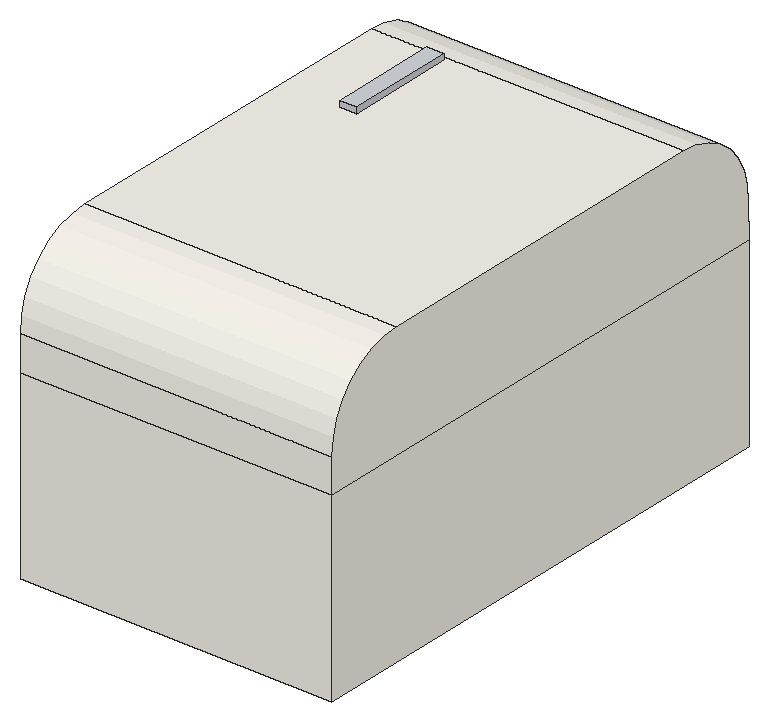
Revit family "Domotics-DomesticRanges-GEWISS-CHORUS_PROTECTION-SPD", category Apparecchi elettrici, host Superficie, Revit 2016
Family settings
  Host = Superficie
  Mantenere orientamento annotazione = Sì
  Tipo di parte = Normale
  Quota connettore circolare = Usa diametro
  Taglio con vuoti quando caricato = Sì
  Condiviso = Sì
  Punto di calcolo locali = Sì
Parameters (values of type "GW14492 - Overvoltage limiter, 1M titanium")
  finitura = GEWISS TITANIO
  Voltage: = "230V ac"
  Voltage = "230V ac"
  Visibilità simbolo in pianta [instance] = yes
  Visibilità copriferro [instance] = yes
  Version file RFA = "19.0"
  VISIBILITA' SIMBOLO [instance] = yes
  VISIBILITA BORDO SIMBOLO [instance] = yes
  Up = "1 kV"
  Uc = "275 V ac 50/60Hz"
  URL = "https://www.gewiss.com/ww/en"
  Technical sheet = "https://www.gewiss.com/ww/en/search?q=GW14492"
  SEO = "SPD"
  Realized by GEWISS S.p.A. = ""
  No. Chorus modules: = "1"
  No. Chorus modules = "1"
  Immagine tipo = GW14492.jpg
  Tipo_ = CHORUS LIMITATORE TENSIONE : GW14492 Limitatore di sovratensioni 1M titanio
  Produttore = "GEWISS S.p.A."
  Offset_bidimensionale [instance] = 2 mm
  Default Elevation = 1219.2 mm
  Offset_limitatore [instance] = 0 mm
  Modello = "GW14492"
  Larghezza copriforo = 23 mm
  IFC.TypeObject = ""
  IFC.ExportType = ""
  IFC.ExportAs = ""
  IDT = "3d6990a7-eef1-4755-8e59-06db000df803"
  IDF = "45043e9b-82ea-4c96-99d5-b507262a5122"
  Electrocod = "0142"
  EAN code = "8011564267831"
  Distanza_x [instance] = 0 mm
  Distanza_effettiva_x [instance] = 1000 mm - Distanza_x  # 1000 mm
  Descrizione = "OVERVOLTAGE LIMITER, 1M TITANIUM"
  Description. = "Limiter"
  Colour = "Titanium"
  Catalogue Range = "CHORUS - DOMESTIC RANGE"
  Catalogue = "DOMOTICS"
  COBie.Tagnumber = ""
  COBie.CreatedOn = ""
  COBie.CreatebBy = ""
  COBie.ComponentRegisterItemID = ""
  COBie.Component.TagNumber = ""
  COBie.Component.Space = ""
  COBie.Component.SerialNumber = ""
  COBie.Component.InstallationDate = ""
  COBie.Component.Description = ""
  COBie.Component.BarCode = ""
  Altezza_copriforo = 45 mm
Types (3, lengths in mm): name | finitura | Technical sheet | Immagine tipo | Tipo_ | Modello | IDT | EAN code | Descrizione | Colour
  GW10492 - Overvoltage limiter 1M white | GEWISS BIANCO | "https://www.gewiss.com/ww/en/search?q=GW10492" | GW10492.jpg | CHORUS LIMITATORE TENSIONE : GW10492 Limitatore di sovratensioni 1M bianco | "GW10492" | "130cc51c-a5e8-4423-b6cb-0f3666266548" | "8011564262911" | "OVERVOLTAGE LIMITER 1M WHITE" | "White"
  GW12492 - Overvoltage limiter 1M black | GEWISS NERO | "https://www.gewiss.com/ww/en/search?q=GW12492" | GW12492.jpg | CHORUS LIMITATORE TENSIONE : GW12492 Limitatore di sovratensioni 1M nero | "GW12492" | "b9d0657c-a4a2-431f-8a6f-b2086b472ab5" | "8011564268241" | "OVERVOLTAGE LIMITER 1M BLACK" | "Black"
  GW14492 - Overvoltage limiter, 1M titanium | GEWISS TITANIO | "https://www.gewiss.com/ww/en/search?q=GW14492" | GW14492.jpg | CHORUS LIMITATORE TENSIONE : GW14492 Limitatore di sovratensioni 1M titanio | "GW14492" | "3d6990a7-eef1-4755-8e59-06db000df803" | "8011564267831" | "OVERVOLTAGE LIMITER, 1M TITANIUM" | "Titanium"
Reference planes
  plane 1 "Centro (Fronte/Retro)": y = 0
  plane 2: z = 0
  plane 3 "Centro (Sinistra/Destra)": x = 0
  plane 4: x = -1000
  plane 5: x = 0
  plane 6: z = 0
  plane 7: z = 26
  plane 8 "bd": z = 28
  plane 9: x = -13.5
  plane 10: x = 13.5
Lines and regions (mm)
  Masking region 1
    outline origin (0, 0, 0) x (0, 1, 0) y (0, 0, 1)
      loop
        line (-22.5, 26) -> (-22.5, 0) -> (22.5, 0) -> (22.5, 26) -> (-22.5, 26)
  Masking region 2, detail levels coarse
    outline origin (0, 0, 0) x (1, 0, 0) y (0, 0, 1)
      loop
        line (-13.5, 26) -> (-13.5, 0) -> (13.5, 0) -> (13.5, 26) -> (-13.5, 26)
  model lines, detail levels coarse
    curve 1: line (11.5, -23.695, 28) -> (-11.5, -23.695, 28)
    curve 2: line (11.5, 23.397, 28) -> (11.5, -23.695, 28)
    curve 3: line (-11.5, 23.397, 28) -> (11.5, 23.397, 28)
    curve 4: line (-11.5, -23.695, 28) -> (-11.5, 23.397, 28)
    curve 9: line (-2, 19.217, 28) -> (2, 19.217, 28)
    curve 10: line (2, 5.613, 28) -> (-2, 5.613, 28)
    curve 11: line (2, 19.217, 28) -> (2, 5.613, 28)
    curve 15: line (-2, 19.217, 28) -> (-2, 5.613, 28)
    curve 16: line (-4.263, 15.615, 28) -> (-2, 15.615, 28)
    curve 17: line (2, 10.613, 28) -> (-2, 15.615, 28)
    curve 18: line (2, 10.613, 28) -> (3.809, 10.613, 28)
    curve 19: line (-2, -0.783, 28) -> (2, -0.783, 28)
    curve 20: line (2, -9.387, 28) -> (-2, -9.387, 28)
    curve 21: line (2, -0.783, 28) -> (2, -9.387, 28)
    curve 22: line (-2, -0.783, 28) -> (-2, -9.387, 28)
    curve 31: line (0, 19.217, 28) -> (0, 20.864, 28)
    curve 32: line (0, 5.613, 28) -> (0, 3.371, 28)
  model lines, not visible, detail levels coarse
    curve 5: line (41.3, -23.695, 50.692) -> (18.3, -23.695, 50.692)
    curve 6: line (41.3, 23.397, 50.692) -> (41.3, -23.695, 50.692)
    curve 7: line (18.3, 23.397, 50.692) -> (41.3, 23.397, 50.692)
    curve 8: line (18.3, -23.695, 50.692) -> (18.3, 23.397, 50.692)
    curve 12: line (27.8, 19.217, 50.692) -> (31.8, 19.217, 50.692)
    curve 13: line (31.8, 5.613, 50.692) -> (27.8, 5.613, 50.692)
    curve 14: line (31.8, 19.217, 50.692) -> (31.8, 5.613, 50.692)
    curve 23: line (27.8, 19.217, 50.692) -> (27.8, 5.613, 50.692)
    curve 24: line (25.537, 15.615, 50.692) -> (27.8, 15.615, 50.692)
    curve 25: line (31.8, 10.613, 50.692) -> (27.8, 15.615, 50.692)
    curve 26: line (31.8, 10.613, 50.692) -> (33.608, 10.613, 50.692)
    curve 27: line (27.8, -0.783, 50.692) -> (31.8, -0.783, 50.692)
    curve 28: line (31.8, -9.387, 50.692) -> (27.8, -9.387, 50.692)
    curve 29: line (31.8, -0.783, 50.692) -> (31.8, -9.387, 50.692)
    curve 30: line (27.8, -0.783, 50.692) -> (27.8, -9.387, 50.692)
    curve 33: line (29.8, 19.217, 50.692) -> (29.8, 20.864, 50.692)
    curve 34: line (29.8, 5.613, 50.692) -> (29.8, 3.371, 50.692)
Dimensions and locks
  plane 4 to plane 3 "Centro (Sinistra/Destra)" = 1000 mm
  "Distanza_effettiva_x": plane 4 to plane 5
  "Offset_limitatore": plane 6 to host face
  locked: plane 7 to plane 6 at 26
  "Offset_bidimensionale": plane 8 "bd" to plane 7
  aligned and locked: plane 2 to host face
  aligned and locked: level to host face
  aligned and locked: plane 8 "bd" to curve 1
  aligned and locked: plane 6 to Masking region 1 sketch curve
  aligned and locked: Masking region 1 sketch curve to plane 7
  aligned and locked: nested 1 to plane 3 "Centro (Sinistra/Destra)"
  aligned and locked: plane 5 to nested 2
  aligned and locked: plane 6 to Masking region 2 sketch curve
  aligned and locked: Masking region 2 sketch curve to plane 10
  aligned and locked: Masking region 2 sketch curve to plane 7
  aligned and locked: Masking region 2 sketch curve to plane 9
Automatic sketch dimensions
  host sketch curve to host sketch curve = 2438.4 mm  (x2)
  curve 1 to curve 19 = 9.5 mm
  curve 2 to curve 9 = 9.5 mm
  curve 20 to curve 22 = 4 mm
  curve 10 to curve 15 = 4 mm
  curve 9 to curve 3 = 9.5 mm
  curve 3 to curve 15 = 4.18 mm
  curve 9 to curve 10 = 13.604 mm
  curve 10 to curve 19 = 6.396 mm
  curve 19 to curve 21 = 8.604 mm
  curve 20 to curve 2 = 14.307 mm
  curve 18 to curve 17 = 1.809 mm
  curve 32 to curve 10 = 2 mm
  curve 31 to curve 9 = 2 mm
  curve 16 to curve 16 = 2.263 mm
  curve 31 to curve 31 = 1.647 mm
  curve 9 to curve 17 = 3.602 mm
  curve 16 to curve 17 = 0 mm
  curve 18 to curve 10 = 5 mm
  curve 17 to curve 18 = 0 mm
  curve 32 to curve 32 = 2.241 mm
  curve 5 to curve 27 = 9.5 mm
  curve 6 to curve 12 = 9.5 mm
  curve 28 to curve 30 = 4 mm
  curve 13 to curve 23 = 4 mm
  curve 12 to curve 7 = 9.5 mm
  curve 7 to curve 23 = 4.18 mm
  curve 12 to curve 13 = 13.604 mm
  curve 13 to curve 27 = 6.396 mm
  curve 27 to curve 29 = 8.604 mm
  curve 28 to curve 6 = 14.307 mm
  curve 26 to curve 25 = 1.809 mm
  curve 34 to curve 13 = 2 mm
  curve 33 to curve 12 = 2 mm
  curve 24 to curve 24 = 2.263 mm
  curve 33 to curve 33 = 1.647 mm
  curve 12 to curve 25 = 3.602 mm
  curve 24 to curve 25 = 0 mm
  curve 26 to curve 13 = 5 mm
  curve 25 to curve 26 = 0 mm
  curve 34 to curve 34 = 2.241 mm
  plane 1 "Centro (Fronte/Retro)" to Masking region 1 sketch curve = 22.5 mm
  Masking region 1 sketch curve to plane 1 "Centro (Fronte/Retro)" = 22.5 mm
Nested families
  nested 1: "CHORUS LIMITATORE TENSIONE" at (0, 10.7, 20) x (0, -1, 0) z (0, 0, 1), visible <- "Visibilità copriferro", type <- "Tipo_", type "GW14492 Limitatore di sovratensioni 1M titanio", detail levels medium+fine
    with Spostamento_y_effettivo_etichetta 1000 mm, Spostamento_X_etichetta 0 mm, Spostamento_X_effettivo_etichetta 1000 mm, Cornice simbolo yes
  nested 2: "SCARICSOVRAT" at (0, 160.104, 0), BORDO ACCESO <- "VISIBILITA BORDO SIMBOLO", SIMBOLO <- "Visibilità simbolo in pianta", type "SCARICSOVRAT"
    with SIMBOLO yes, Distanza dal muro 5 mm, BORDO ACCESO yes
Definition of nested family "CHORUS LIMITATORE TENSIONE"
  Parameters (values of type "GW14492 Limitatore di sovratensioni 1M titanio")
    Spostamento_y_effettivo_etichetta [instance] = 1000 mm
    Spostamento_X_etichetta [instance] = 0 mm
    Spostamento_X_effettivo_etichetta [instance] = 1000 mm - Spostamento_X_etichetta  # 1000 mm
    Default Elevation = 1219.2 mm
    Manufacturer = ""
    Model = ""
    Materiale = none
    L = 27 mm
    Type Image = (empty or 0)
    IFC.TypeObject = ""
    IFC.ExportType = ""
    IFC.ExportAs = ""
    H = 45 mm
    Description = ""
    Cornice simbolo [instance] = yes
    Type Comments = ""
    COBie.CreatedOn = ""
    COBie.CreatebBy = ""
    COBie.ComponentRegisterItemID = ""
    COBie.Component.TagNumber = ""
    COBie.Component.Space = ""
    COBie.Component.SerialNumber = ""
    COBie.Component.InstallationDate = ""
    COBie.Component.Description = ""
    COBie.Component.BarCode = ""
  Types (3): name
    GW14492 Limitatore di sovratensioni 1M titanio
    GW12492 Limitatore di sovratensioni 1M nero
    GW10492 Limitatore di sovratensioni 1M bianco
  Reference planes
    plane 1 "Centro (Fronte/Retro)": y = 0
    plane 2: z = 0
    plane 3 "Centro (Sinistra/Destra)": x = 0
    plane 4: x = 33.2
    plane 5: x = -11.8
    plane 6: x = 0
    plane 7: x = 10.7
    plane 8: y = 13.5
    plane 9: y = -13.5
    plane 10: through (-60.367, 53, 1200) normal (0.9613, 0.2756, 0)
    plane 11: through (-48.369, -19.812, 1200) normal (-0.6428, 0.766, 0)
    plane 12: z = 16
    plane 13: x = 19.13
    plane 14: y = -10
    plane 15: x = 3.929
    plane 16: x = 18.63
    plane 17: y = -5
    plane 18 "a": z = 26
    plane 19: x = -9.46
    plane 20: z = 26.5
  Forms (mm)
    Extrusion 1, solid, material <- "Materiale"
      sketch origin (0, 0, 0) x (1, 0, 0) y (0, 0, 1)
        loop
          line (-11.8, 19) -> (-11.8, 16) -> (33.2, 16) -> (33.2, 19)
          arc (33.2, 19) -> (31.15, 23.95) -> (26.2, 26) r 7
          line (26.2, 26) -> (-4.8, 26)
          arc (-4.8, 26) -> (-9.75, 23.95) -> (-11.8, 19) r 7
      from -13.5 to 13.5
    Extrusion 2, solid, material <- "Materiale"
      sketch origin (0, 0, 0) x (1, 0, 0) y (0, 0, 1)
        loop
          line (-11.8, 0) -> (33.2, 0) -> (33.2, 16) -> (-11.8, 16) -> (-11.8, 0)
      from -13.5 to 13.5
    Extrusion 3, solid, detail levels medium+fine
      sketch origin (5, 1.562, 26) x (-1, 0, 0) y (0, -1, 0)
        loop
          line (9.46, 10) -> (0, 10) -> (0, 8.513) -> (9.46, 8.513) -> (9.46, 10)
      from 0 to 0.5
  Lines and regions (mm)
    model lines, detail levels medium+fine
      curve 1: line (10.7, -10, 26) -> (26.821, -10, 26)
      curve 2: line (10.7, -5, 26) -> (10.7, -10, 26)
      curve 3: line (26.821, -5, 26) -> (10.7, -5, 26)
      curve 4: line (26.821, -10, 26) -> (26.821, -5, 26)
      curve 5: line (23.263, -5, 26) -> (23.263, -3.221, 26)
      curve 6: line (23.263, -5, 26) -> (16.122, -10, 26)
      curve 7: line (16.122, -10, 26) -> (16.122, -12.11, 26)
  Text (mm)
    text "B=C*A" at (54.401, 20.009, 0), in view "Livello rif."
  Dimensions and locks
    equal spacing: plane 8, plane 1 "Centro (Fronte/Retro)", plane 9
    "L": plane 8 to plane 9
    equal spacing: plane 5, plane 7, plane 4
    "H": plane 5 to plane 4
    locked: plane 12 to plane 2 at 16
    plane 1 "Centro (Fronte/Retro)" to plane 14 = 10 mm
    locked: plane 20 to plane 18 "a" at 0.5
    angle plane 1 "Centro (Fronte/Retro)" to plane 7 = 90.00°
    angle plane 11 to plane 10 = 66.00°
    angle plane 10 to plane 11 = 114.00°
    aligned and locked: level to plane 2
    aligned and locked: Extrusion 1 sketch curve to plane 5
    aligned and locked: Extrusion 1 sketch curve to plane 4
    aligned and locked: plane 8 to Extrusion 1
    aligned and locked: Extrusion 1 to plane 9
    aligned and locked: plane 12 to Extrusion 1 sketch curve
    aligned and locked: Extrusion 2 sketch curve to plane 12
    aligned and locked: Extrusion 2 sketch curve to plane 5
    aligned and locked: plane 4 to Extrusion 2 sketch curve
    aligned and locked: Extrusion 2 sketch curve to plane 2
    aligned and locked: plane 8 to Extrusion 2
    aligned and locked: Extrusion 2 to plane 9
    aligned and locked: Extrusion 3 to plane 18 "a"
    aligned and locked: plane 20 to Extrusion 3
  Automatic sketch dimensions
    Extrusion 1 sketch curve to Extrusion 1 sketch curve = 3 mm
    plane 5 to Extrusion 1 sketch curve = 7 mm
    Extrusion 1 sketch curve to plane 4 = 7 mm
    plane 14 to Extrusion 3 sketch curve = 1.563 mm
    Extrusion 3 sketch curve to plane 15 = 1.071 mm
    Extrusion 3 sketch curve to plane 17 = 1.951 mm
    Extrusion 3 sketch curve to plane 19 = 5 mm
    curve 1 to plane 14 = 0 mm
    curve 3 to plane 17 = 0 mm
    curve 2 to plane 7 = 0 mm
    curve 4 to plane 4 = 6.379 mm
    curve 6 to plane 16 = 2.508 mm
    curve 7 to curve 6 = 0 mm
    plane 17 to curve 5 = 1.779 mm
    curve 3 to curve 5 = 3.558 mm
    curve 6 to curve 5 = 0 mm
    plane 9 to curve 7 = 1.39 mm
Definition of nested family "SCARICSOVRAT"
  Parameters (values of type "SCARICSOVRAT")
    SIMBOLO [instance] = yes
    Distanza dal muro [instance] = 4.208 mm
    BORDO ACCESO [instance] = yes
  Reference planes
    plane 1: y = 0
    plane 2: x = 0
  Nested families
    nested 1: "SCARICSOVRAT_BASE" at (0, 2, 0), BORDO ACCESO <- "BORDO ACCESO", visible <- "SIMBOLO", type "SCARICSOVRAT"
      with BORDO ACCESO yes
  Definition of nested family "SCARICSOVRAT_BASE"
    Parameters (values of type "SCARICSOVRAT")
      SIMBOLO = yes
      Distanza dal muro = 4.208 mm
      BORDO ACCESO [instance] = yes
    Reference planes
      plane 1: y = 0
      plane 2: x = 0
    Lines and regions (mm)
      detail lines, visible <- "BORDO ACCESO", not visible
        curve 1: line (-1.743, 9.208, 0) -> (2.057, 9.208, 0)
        curve 2: line (2.057, 9.208, 0) -> (2.057, 4.208, 0)
        curve 3: line (2.057, 4.208, 0) -> (-1.743, 4.208, 0)
        curve 4: line (-1.743, 4.208, 0) -> (-1.743, 9.208, 0)
        curve 5: line (-1.543, 9.008, 0) -> (1.857, 9.008, 0)
        curve 6: line (1.857, 9.008, 0) -> (1.857, 4.408, 0)
        curve 7: line (1.857, 4.408, 0) -> (-1.543, 4.408, 0)
        curve 8: line (-1.543, 4.408, 0) -> (-1.543, 9.008, 0)
      detail lines, visible <- "SIMBOLO"
        curve 9: line (0.202, 0.833, 0) -> (0.202, 1.659, 0)
        curve 10: line (0.202, 1.659, 0) -> (-0.202, 1.659, 0)
        curve 11: line (-0.202, 1.659, 0) -> (-0.202, 0.833, 0)
        curve 12: line (-0.202, 0.833, 0) -> (0.202, 0.833, 0)
        curve 13: line (0, 1.659, 0) -> (0, 1.933, 0)
        curve 14: line (-0.628, 0.305, 0) -> (0.628, 0.305, 0)
        curve 15: line (0.628, 0.305, 0) -> (0.628, 2.189, 0)
        curve 16: line (0.628, 2.189, 0) -> (-0.628, 2.189, 0)
        curve 17: line (-0.628, 2.189, 0) -> (-0.628, 0.305, 0)
        curve 18: line (0.457, 1.744, 0) -> (-0.402, 0.875, 0)
        curve 19: line (-0.402, 0.875, 0) -> (-0.402, 0.671, 0)
        curve 20: line (0, 0.561, 0) -> (0, 0.833, 0)
